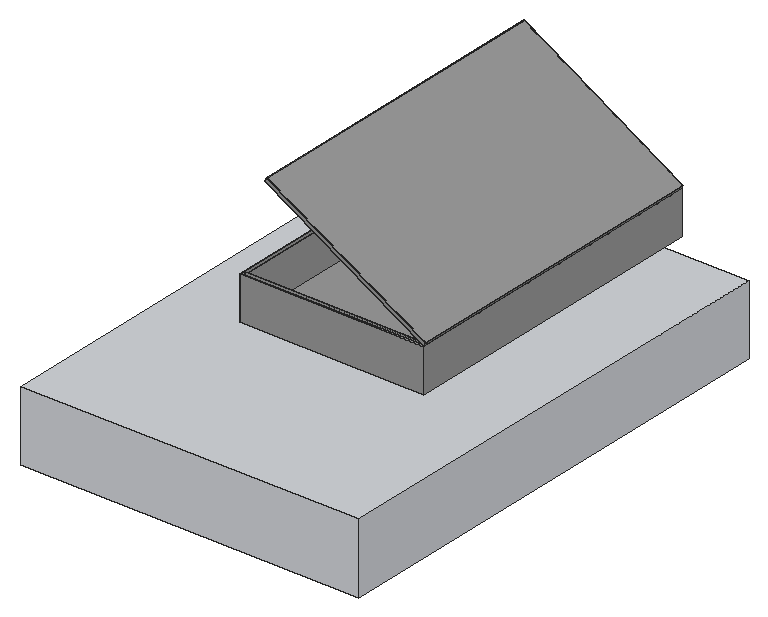
Revit family "Hager-Univers-IP44-D205-H1400-Cl.II-Encl-AT-de", category Equipement électrique, Revit 2020
Family settings
  Hôte = Face
  Configuration du panneau = Deux colonnes, circuits au sein
  Cote de connecteur circulaire = Utiliser le diamètre
  Type d'élément = Tableau de raccordement
  Couper avec des vides une fois chargée = Non
  Partagée = Non
  Point de calcul de pièce = Non
Parameters (values of type "Aufputz IP44 B800 H1400 T205  - FP93SN2")
  Width Control [instance] = if([EF000008 - Breite] > Min Width, [EF000008 - Breite], Min Width)  # 800 mm
  Commentaires du type = [HG000003 - Bereich]  # "Univers"
  Thickness Door [instance] = if([EF009171 - Materialstärke Tür/Deckel] > 3 mm, 3 mm, [EF009171 - Materialstärke Tür/Deckel])  # 1 mm
  Seal Frame Offset [instance] = 17 mm  # constant formula
  Plinth Visibility [instance] = [HG000027 - Sockelhöhe] > 0 mm  # no
  Model = ""
  Min Width [instance] = 100 mm  # constant formula
  Min Height [instance] = 100 mm  # constant formula
  Min Depth [instance] = (2 * [EF009170 - Materialstärke Gehäuse]) + 1 mm  # 3 mm
  Internal Frame Depth [instance] = (Door System Depth * 0.5)  # 9 mm
  Height Control [instance] = if([EF000040 - Höhe] > Min Height, [EF000040 - Höhe], Min Height)  # 1400 mm
  HG000027 - Sockelhöhe = 0 mm
  HG000026 - Stehend auf dem Boden = no
  HG000024 - Höhe des unteren Teils = 800 mm
  HG000023 - Gehäuse mit doppeltem Querschnitt = no
  HG000016 - 3D-Türsichtbarkeit [instance] = yes
  HG000015 - Sichtbarkeit der Türöffnung [instance] = no
  HG000014 - Tür rechts [instance] = yes
  HG000013 - Tür links [instance] = not([HG000014 - Tür rechts])  # no
  HG000012 - Türschwenkwinkel [instance] = 30.00°
  HG000010 - Asymmetrische Türen = no
  HG000009 - Doppelflügeligen Tür = no
  HG000006 - Unterputz = no
  HG000004 - Herstellerreferenz = "FP93SN2"
  HG000003 - Bereich = "Univers"
  HG000002 - Mit tür = yes
  Frame Offset Bottom [instance] = 10 mm  # constant formula
  Frame Offset [instance] = 15 mm  # constant formula
  EF015940 - Deckel mit Überdruckentlastung = no
  EF011959 - Schutzart (NEMA) = ""
  EF009554 - Anzahl der Öffnungen für Flanschplatten = 6
  Fabricant = "Hager"  # constant formula
  EF009212 - Ausführung Deckel = "EV000116 - geschlossen"
  EF009171 - Materialstärke Tür/Deckel = 1 mm
  EF009170 - Materialstärke Gehäuse = 1 mm
  EF008873 - Nennstrom (In) = 250 A
  EF007800 - Geeignet für Blitzschutz = no
  EF006306 - Mit Schloss = no
  EF006244 - Transparenter Deckel/Tür = no
  EF005474 - Schutzart (IP) = "EV006418 - IP44"
  EF004464 - Art der Tür = "EV002646 - Einzel"
  EF004427 - Anzahl der Module = 324
  EF004293 - Schlagfestigkeit = "EV006815 - IK09"
  EF003532 - Geeignet für Außengebrauch = no
  EF002950 - Breite in Teilungseinheiten = 36
  EF001613 - Funktionserhalt = "EV000494 - ohne"
  EF001596 - Werkstoff des Gehäuses = "EV000179 - Stahl"
  EF001131 - Innentiefe = 143 mm
  EF001088 - Anbaumöglichkeit = yes
  EF000437 - Anzahl der Leitungseinführungen = 6
  EF000339 - Art der Abdeckung = "EV001012 - Deckel"
  EF000266 - Anzahl der Reihen = 9
  EF000218 - Einbautiefe = 205 mm
  EF000118 - Mit Montageplatte = no
  EF000116 - RAL-Nummer = "9010"
  EF000049 - Tiefe = 205 mm
  EF000040 - Höhe = 1400 mm
  EF000008 - Breite = 800 mm
  EF000007 - Farbe = "EV000202 - weiß"
  EF000003 - Montageart = "EV000384 - Aufputz"
  Door System Leaf Tolerance [instance] = 1.5 mm  # constant formula
  Door System Depth [instance] = 18 mm  # constant formula
  Door Height [instance] = Height Control - [HG000027 - Sockelhöhe]  # 1400 mm
  Depth Control [instance] = if([EF000049 - Tiefe] > Min Depth, [EF000049 - Tiefe], Min Depth)  # 205 mm
  Default Elevation = 0 mm
  Connector Offset [instance] = Height Control / 2  # 700 mm
  Bottom Top Plate Trim [instance] = 1.5 mm  # constant formula
  Plinth height Ctrl [instance] = if([HG000027 - Sockelhöhe] > 0 mm, [HG000027 - Sockelhöhe], 12 mm)  # 12 mm
Types (5, lengths in mm): name | Width Control | HG000010 - Asymmetrische Türen | HG000009 - Doppelflügeligen Tür | HG000004 - Herstellerreferenz | EF009554 - Anzahl der Öffnungen für Flanschplatten | EF004464 - Art der Tür | EF004427 - Anzahl der Module | EF002950 - Breite in Teilungseinheiten | EF001131 - Innentiefe | EF000437 - Anzahl der Leitungseinführungen | EF000339 - Art der Abdeckung | EF000008 - Breite
  Aufputz IP44 B1050 H1400 T205  - FP94SN2 | 1050 | no | yes | "FP94SN2" | 8 | "EV003602 - Doppel" | 432 | 48 | 143 | 8 | "EV001012 - Deckel" | 1050
  Aufputz IP44 B1300 H1400 T205  - FP95SN2 | 1300 | yes | yes | "FP95SN2" | 10 | "EV003602 - Doppel" | 540 | 60 | 130 | 10 | "EV004216 - Tür" | 1300
  Aufputz IP44 B300 H1400 T205  - FP91SN2 | 300 | no | no | "FP91SN2" | 2 | "EV002646 - Einzel" | 108 | 12 | 143 | 2 | "EV001012 - Deckel" | 300
  Aufputz IP44 B550 H1400 T205  - FP92SN2 | 550 | no | no | "FP92SN2" | 4 | "EV002646 - Einzel" | 216 | 24 | 143 | 4 | "EV001012 - Deckel" | 550
  Aufputz IP44 B800 H1400 T205  - FP93SN2 | 800 | no | no | "FP93SN2" | 6 | "EV002646 - Einzel" | 324 | 36 | 143 | 6 | "EV001012 - Deckel" | 800
Reference planes
  plane 1 "Center (Front/Back)": y = 0
  plane 2: z = 0
  plane 3 "Center (Left/Right)": x = 0
  plane 4: z = 205
  plane 5: y = 1
  plane 6: y = 700
  plane 7: y = 0
  plane 8: y = 1400
  plane 9: z = 0
  plane 10: x = -385
  plane 11: x = 385
  plane 12: x = 384
  plane 13: x = -384
  plane 14: y = 1399
  plane 15: x = -383
  plane 16: x = -400
  plane 17: x = 383
  plane 18: x = 400
  plane 19: x = 399
  plane 20: x = -399
  plane 21: y = 11
  plane 22: y = 1400
  plane 23: y = 1384
  plane 24: z = 187
  plane 25: z = 1
  plane 26: z = 186
  plane 27: z = 204
Forms (mm)
  Extrusion 1, solid
    sketch origin (0, 0, 0) x (1, 0, 0) y (0, 1, 0)
      loop
        line (-702.964, 1305) -> (-702.964, -811.445) -> (766.763, -811.445) -> (766.763, 1305) -> (-702.964, 1305)
    from 0 to -304.8
  Extrusion 2, solid, material "Hager_Steel_RAL7035_Light_Grey", visible <- "Plinth Visibility", detail levels medium+fine
    sketch origin (0, 0, 0) x (1, 0, 0) y (0, 1, 0)
      loop
        line (-400, 0) -> (400, 0) -> (400, 12) -> (-400, 12) -> (-400, 0)
    from 0 to 187
  Extrusion 3, solid, material "Hager_Steel_RAL7035_Light_Grey", detail levels medium+fine
    sketch origin (0, 0, 0) x (1, 0, 0) y (0, 1, 0)
      loop
        line (-400, 0) -> (400, 0) -> (400, 1400) -> (-400, 1400) -> (-400, 0)
    from 0 to 187
  Extrusion 4, void
    sketch origin (0, 0, 0) x (1, 0, 0) y (0, 1, 0)
      loop
        line (-399, 1) -> (399, 1) -> (399, 1399) -> (-399, 1399) -> (-399, 1)
    from 1 to 186
  Extrusion 5, void
    sketch origin (-381.607, -4572, 187) x (0, -1, 0) y (-1, 0, 0)
      loop
        line (-4583, 2.393) -> (-5956, 2.393) -> (-5956, -765.607) -> (-4583, -765.607) -> (-4583, 2.393)
    from 0 to 1 <- "EF009170 - Materialstärke Gehäuse"
  Extrusion 6, solid, material "Hager_Steel_RAL7035_Light_Grey", detail levels fine
    sketch origin (0, 0, 187) x (1, 0, 0) y (0, 1, 0)
      loop
        line (-384, 1384) -> (-384, 11) -> (384, 11) -> (384, 1384) -> (-384, 1384)
      loop
        line (-385, 10) -> (385, 10) -> (385, 1385) -> (-385, 1385) -> (-385, 10)
    from 0 to 9 <- "Internal Frame Depth"
  Extrusion 7, solid, material "Hager_Steel_RAL7035_Light_Grey", detail levels coarse
    sketch origin (0, 0, 0) x (1, 0, 0) y (0, 1, 0)
      loop
        line (-400, 0) -> (400, 0) -> (400, 1400) -> (-400, 1400) -> (-400, 0)
    from 0 to 205
  Sweep 8, void
    path in 3D
      loop
        line (-400, 12, 0) -> (400, 12, 0) -> (400, 12, 187) -> (-400, 12, 187) -> (-400, 12, 0)
    profile origin (-400, 12, 93.5) x (-1, 0, 0) y (0, -1, 0)
      loop
        line (0, 0) -> (0, 1.5) -> (-1.5, 1.5)
        arc (-1.5, 1.5) -> (-1.061, 0.439) -> (0, 0) r 1.5
Cuts and joins
  Extrusion 4, Extrusion 5 cuts Extrusion 3
  Sweep 8 cuts Extrusion 2
Lines and regions (mm)
  Masking region 1
    outline origin (0, 0, 0) x (1, 0, 0) y (0, 0, 1)
      loop
        line (-400, 205) -> (-400, 0) -> (400, 0) -> (400, 205) -> (-400, 205)
  Masking region 2, detail levels medium+fine
    outline origin (0, 140, 0) x (0, 1, 0) y (0, 0, 1)
      loop
        line (-140, 0) -> (1260, 0) -> (1260, 187) -> (-140, 187) -> (-140, 0)
  Masking region 3, not visible, detail levels medium+fine
    outline origin (0, 297.922, 0) x (0, 1, 0) y (0, 0, 1)
      loop
        line (413.578, 0) -> (453.578, 0) -> (453.578, 194)
        arc (453.578, 194) -> (450.649, 201.071) -> (443.578, 204) r 10
        line (443.578, 204) -> (413.578, 204) -> (413.578, 0)
  Masking region 4, detail levels coarse
    outline origin (0, 0, 180) x (0, 1, 0) y (0, 0, 1)
      loop
        line (0, -180) -> (1400, -180) -> (1400, 25) -> (0, 25) -> (0, -180)
  Masking region 5, visible <- "Plinth Visibility", detail levels medium+fine
    outline origin (0, 52.24, 12.345) x (0, 0, -1) y (0, 1, 0)
      loop
        line (10.845, -40.24) -> (-173.155, -40.24)
        arc (-173.155, -40.24) -> (-173.594, -41.301) -> (-174.655, -41.74) r 1.5
        line (-174.655, -41.74) -> (-174.655, -52.24) -> (12.345, -52.24) -> (12.345, -41.74)
        arc (12.345, -41.74) -> (11.285, -41.301) -> (10.845, -40.24) r 1.5
  Masking region 6, detail levels medium+fine
    outline origin (-381.607, -4572, 187) x (-1, 0, 0) y (0, -1, 0)
      loop
        line (18.393, -5972) -> (18.393, -4572) -> (-781.607, -4572) -> (-781.607, -5972) -> (18.393, -5972)
  Masking region 7, visible <- "Plinth Visibility", detail levels medium+fine
    outline origin (-381.607, -4727, 187) x (-1, 0, 0) y (0, -1, 0)
      loop
        arc (16.893, -4739) -> (17.332, -4737.939) -> (18.393, -4737.5) r 1.5
        line (18.393, -4737.5) -> (18.393, -4727) -> (-781.607, -4727) -> (-781.607, -4737.5)
        arc (-781.607, -4737.5) -> (-780.546, -4737.939) -> (-780.107, -4739) r 1.5
        line (-780.107, -4739) -> (16.893, -4739)
  Masking region 8, detail levels coarse
    outline origin (-442.548, -4669.526, 187) x (-1, 0, 0) y (0, -1, 0)
      loop
        line (-42.548, -6069.526) -> (-42.548, -4669.526) -> (-842.548, -4669.526) -> (-842.548, -6069.526) -> (-42.548, -6069.526)
  sketch lines
    curve 1: line (-400, 12, 187) -> (-400, 12, 0)
    curve 2: line (400, 12, 187) -> (-400, 12, 187)
    curve 3: line (400, 12, 187) -> (400, 12, 0)
    curve 4: line (-400, 12, 0) -> (400, 12, 0)
Dimensions and locks
  "Depth Control": plane 4 to Extrusion 1
  "HG000027 - Sockelhöhe": plane 1 "Center (Front/Back)" to plane 7
  "EF009170 - Materialstärke Gehäuse": plane 5 to plane 7
  locked: connector elem to plane 3 "Center (Left/Right)"
  equal spacing: plane 8, plane 6, plane 7
  locked: connector elem to plane 6
  "EF009170 - Materialstärke Gehäuse": plane 8 to plane 14
  "EF009170 - Materialstärke Gehäuse": plane 10 to plane 13
  "EF009170 - Materialstärke Gehäuse": plane 12 to plane 11
  "Frame Offset": plane 20 to plane 13
  "Frame Offset": plane 12 to plane 19
  "EF009170 - Materialstärke Gehäuse": plane 16 to plane 20
  "EF009170 - Materialstärke Gehäuse": plane 19 to plane 18
  "Seal Frame Offset": plane 16 to plane 15
  "Seal Frame Offset": plane 17 to plane 18
  "Frame Offset Bottom": plane 21 to plane 5
  "Frame Offset": plane 14 to plane 23
  equal spacing: plane 16, plane 3 "Center (Left/Right)", plane 18
  "Width Control": plane 16 to plane 18
  "EF009170 - Materialstärke Gehäuse": plane 4 to plane 27
  "EF009170 - Materialstärke Gehäuse": plane 24 to plane 26
  "EF009170 - Materialstärke Gehäuse": plane 25 to level
  "Door System Depth": plane 4 to plane 24
  "Height Control": plane 1 "Center (Front/Back)" to Extrusion 7 sketch curve
  "Height Control": Masking region 4 sketch curve to plane 1 "Center (Front/Back)"
  "Height Control": plane 1 "Center (Front/Back)" to plane 22
  "Bottom Top Plate Trim": profile plane to Sweep 8 sketch curve
  "Bottom Top Plate Trim": Sweep 8 sketch curve to profile plane
  "Plinth height Ctrl": plane 1 "Center (Front/Back)" to Extrusion 2 sketch curve
  "Plinth height Ctrl": Masking region 5 sketch curve to plane 1 "Center (Front/Back)"
  "Plinth height Ctrl": plane 1 "Center (Front/Back)" to Masking region 7 sketch curve
  "Thickness Door": Extrusion 6 sketch curve to Extrusion 6 sketch curve  (x3)
  "Thickness Door": cut or joined group of Extrusion 3, Extrusion 4, Extrusion 5 to Extrusion 6 sketch curve
  radius of Masking region 3 sketch curve = 10 mm
  "Bottom Top Plate Trim": radius of Masking region 5 sketch curve  (x2)
  "Bottom Top Plate Trim": radius of Sweep 8 sketch curve
  "Bottom Top Plate Trim": radius of Masking region 7 sketch curve  (x2)
  aligned and locked: plane 2 to Extrusion 1
  aligned and locked: level to Extrusion 1
  aligned and locked: level to Masking region 1 sketch curve
  aligned and locked: Masking region 1 sketch curve to plane 18
  aligned and locked: Masking region 1 sketch curve to plane 16
  aligned and locked: plane 7 to Masking region 2 sketch curve
  aligned and locked: level to Masking region 3 sketch curve
  aligned and locked: Masking region 3 sketch curve to plane 27
  aligned and locked: level to Masking region 2 sketch curve
  aligned and locked: plane 1 "Center (Front/Back)" to Extrusion 2 sketch curve
  aligned and locked: Extrusion 3 sketch curve to plane 7
  aligned and locked: plane 16 to Extrusion 3 sketch curve
  aligned and locked: plane 18 to Extrusion 3 sketch curve
  aligned and locked: plane 20 to Extrusion 4 sketch curve
  aligned and locked: plane 19 to Extrusion 4 sketch curve
  aligned and locked: Extrusion 4 sketch curve to plane 5
  aligned and locked: Extrusion 4 to plane 25
  aligned and locked: plane 26 to Extrusion 4
  aligned and locked: plane 24 to Extrusion 3
  aligned and locked: Extrusion 5 sketch curve to plane 21
  aligned and locked: Extrusion 5 sketch curve to plane 13
  aligned and locked: Extrusion 5 sketch curve to plane 12
  aligned and locked: plane 18 to Extrusion 7 sketch curve
  aligned and locked: plane 1 "Center (Front/Back)" to Extrusion 7 sketch curve
  aligned and locked: plane 16 to Extrusion 7 sketch curve
  aligned and locked: plane 4 to Extrusion 7
  aligned and locked: Extrusion 7 to level
  aligned and locked: level to Masking region 4 sketch curve
  aligned and locked: Masking region 4 sketch curve to plane 1 "Center (Front/Back)"
  aligned and locked: Masking region 4 sketch curve to plane 4
  aligned and locked: nested 1 to level
  aligned and locked: nested 1 to plane 16
  aligned and locked: plane 8 to Extrusion 3 sketch curve
  aligned and locked: plane 23 to Extrusion 5 sketch curve
  aligned and locked: plane 14 to Extrusion 4 sketch curve
  aligned and locked: Masking region 2 sketch curve to plane 8
  aligned and locked: level to Masking region 5 sketch curve
  aligned and locked: plane 16 to Extrusion 2 sketch curve
  aligned and locked: plane 18 to Extrusion 2 sketch curve
  aligned and locked: Masking region 5 sketch curve to plane 24
  aligned and locked: Masking region 2 sketch curve to plane 24
  aligned and locked: plane 24 to Extrusion 2
  aligned and locked: profile plane to Sweep 8 sketch curve  (x2)
  aligned and locked: Masking region 6 sketch curve to plane 18
  aligned and locked: Masking region 6 sketch curve to plane 22
  aligned and locked: Masking region 6 sketch curve to plane 16
  aligned and locked: plane 8 to plane 22
  aligned and locked: Masking region 6 sketch curve to plane 7
  aligned and locked: Masking region 7 sketch curve to plane 16
  aligned and locked: Masking region 7 sketch curve to plane 1 "Center (Front/Back)"
  aligned and locked: Masking region 7 sketch curve to plane 18
  aligned and locked: Masking region 8 sketch curve to plane 1 "Center (Front/Back)"
  aligned and locked: Masking region 8 sketch curve to plane 18
  aligned and locked: Masking region 8 sketch curve to plane 22
  aligned and locked: Masking region 8 sketch curve to plane 16
  aligned and locked: nested 2 to plane 7
  aligned and locked: plane 3 "Center (Left/Right)" to nested 2
  aligned and locked: nested 2 to plane 24
  aligned and locked: Extrusion 6 sketch curve to cut or joined group of Extrusion 3, Extrusion 4, Extrusion 5  (x4)
Automatic sketch dimensions
  Extrusion 1 sketch curve to Extrusion 1 sketch curve = 1469.727 mm
  Extrusion 1 sketch curve to Extrusion 1 sketch curve = 2116.445 mm
  Masking region 1 sketch curve to plane 4 = 0 mm
  plane 6 to Masking region 3 sketch curve = 11.5 mm
  Masking region 3 sketch curve to Masking region 3 sketch curve = 30 mm
  Masking region 5 sketch curve to plane 1 "Center (Front/Back)" = 0 mm
Nested families
  nested 1: "Hager_Enclosure_Symbol" at (-400, 0, 0) x (1, 0, 0) z (0, -1, 0), Height <- "Depth Control", Width <- "Width Control", type "Hager_Enclosure_Symbol"
    with Width_Ctrl 800 mm, Width 800 mm, Height_Ctrl 205 mm, Height 205 mm, A_Width_Int 13.453 mm, A_Width 161.438 mm, A_Height_Ctrl 179.375 mm, A_Height 179.375 mm
  nested 2: "EC000058_Univers_Door" at (0, 0, 187) x (1, 0, 0) z (0, 1, 0), Leaf_Tolerance <- "Door System Leaf Tolerance", Angle <- "HG000012 - Türschwenkwinkel", Door_Depth <- "Door System Depth", Door_Left <- "HG000013 - Tür links", Transparent <- "EF006244 - Transparenter Deckel/Tür", Assymetrical <- "HG000010 - Asymmetrische Türen", Width <- "Width Control", Clearance <- "HG000015 - Sichtbarkeit der Türöffnung", Double <- "HG000009 - Doppelflügeligen Tür", 3d_Door <- "HG000016 - 3D-Türsichtbarkeit", Lock_Visibility <- "EF006306 - Mit Schloss", Width_Ctrl <- "Width Control", Door_Right <- "HG000014 - Tür rechts", Door <- "HG000002 - Mit tür", Height <- "Door Height", Thickness <- "Thickness Door", type "EC000058_Univers_Door", detail levels medium+fine
    with min_wh 3 mm, Width_Ctrl 800 mm, Width 800 mm, Transparent no, Thickness 1 mm, Seal_Material Hager_Rubber, Lock_Visibility no, Lock_Material Hager_Plastic_RAL9005_Jet_Black, Leaf_Width 800 mm, Leaf_Tolerance_External_Sides 0 mm, Leaf_Tolerance 1.5 mm, Leaf_Offset 0 mm, Leaf_Height 1397 mm, Leaf_2_Width 800 mm, Leaf_2_Offset 400 mm, Leaf_1_Width 800 mm, Leaf_1_Offset 400 mm, Height_Ctrl 1400 mm, Height 1400 mm, Glass_Material Hager_Glass, Double_Clearance_Ctrl no, Double no, Door_Right_Ctrl yes, Door_Right yes, Door_Material Hager_Steel_RAL7035_Light_Grey, Door_Left_Ctrl no, Door_Left no, Door_Depth 18 mm, Door yes, Clearance_Material Hager_Clearance, Clearance_Depth 800 mm, Clearance_Ctrl no, Clearance no, Assymetrical no, Angle 30.00°, 3d_Door yes
Connectors
  electrical at (0, 700, 0)
    settings: on plane 9, index 1, voltage 0 V, apparent load 0 VA, apparent load phase1 0 VA, apparent load phase2 0 VA, apparent load phase3 0 VA, power factor 1, load classification "Other", number of poles 1, system type 30, power factor state 1, is connector primary yes, connector utility no, sub classification motor no, connector description ""
Definition of nested family "EC000058_Univers_Door"
  Parameters (values of type "EC000058_Univers_Door")
    min_wh [instance] = (2 * Thickness) + 1 mm  # 11 mm
    Width_Ctrl [instance] = 400 mm
    Width [instance] = 500 mm
    Transparent [instance] = yes
    Thickness [instance] = 5 mm
    Seal_Material [instance] = none
    Lock_Visibility [instance] = yes
    Lock_Material [instance] = none
    Leaf_Width [instance] = if((Width_Ctrl - 2 * Leaf_Tolerance_External_Sides) > 0 mm, (Width_Ctrl - 2 * Leaf_Tolerance_External_Sides), min_wh)  # 400 mm
    Leaf_Tolerance_External_Sides [instance] = 0 mm  # constant formula
    Leaf_Tolerance [instance] = 1.5 mm
    Leaf_Offset [instance] = 0 mm  # constant formula
    Leaf_Height [instance] = if((Height_Ctrl - 2 * Leaf_Tolerance) > 0 mm, (Height_Ctrl - 2 * Leaf_Tolerance), min_wh)  # 497 mm
    Leaf_2_Width [instance] = if(and(and(Double, Assymetrical), Door_Left), (Leaf_Width / 3) - (Leaf_Tolerance / 2), if(and(and(Double, Assymetrical), Door_Right), (Leaf_Width / 3) * 2 - (Leaf_Tolerance / 2), if(and(Double, not(Assymetrical)), (Leaf_Width / 2) - Leaf_Tolerance, Leaf_Width)))  # 400 mm
    Leaf_2_Offset [instance] = if(and(Double, Assymetrical), Leaf_2_Width / 2, if(and(Double, not(Assymetrical)), Leaf_Width / 4, Leaf_Width / 2))  # 200 mm
    Leaf_1_Width [instance] = if(and(and(Double, Assymetrical), Door_Right), (Leaf_Width / 3) - (Leaf_Tolerance / 2), if(and(and(Double, Assymetrical), Door_Left), (Width / 3) * 2 - (Leaf_Tolerance / 2), if(and(Double, not(Assymetrical)), (Leaf_Width / 2) - Leaf_Tolerance, Leaf_Width)))  # 400 mm
    Leaf_1_Offset [instance] = if(and(Double, Assymetrical), Leaf_1_Width / 2, if(and(Double, not(Assymetrical)), Leaf_Width / 4, Leaf_Width / 2))  # 200 mm
    Height_Ctrl [instance] = if(Height > min_wh, Height, min_wh)  # 500 mm
    Height [instance] = 500 mm
    Glass_Material [instance] = none
    Double_Clearance_Ctrl [instance] = and(Double, Clearance)  # no
    Double [instance] = no
    Door_Right_Ctrl [instance] = and(or(Door_Right, Double), Door)  # yes
    Door_Right [instance] = yes
    Door_Material [instance] = none
    Door_Left_Ctrl [instance] = and(or(Door_Left, Double), Door)  # no
    Door_Left [instance] = no
    Door_Depth [instance] = 30 mm
    Door [instance] = yes
    Default Elevation = 1219.2 mm
    Clearance_Material [instance] = none
    Clearance_Depth [instance] = if(Leaf_1_Width > Leaf_2_Width, Leaf_1_Width, Leaf_2_Width)  # 400 mm
    Clearance_Ctrl [instance] = and(not(Double), Clearance)  # yes
    Clearance [instance] = yes
    Assymetrical [instance] = yes
    Angle [instance] = 30.00°
    3d_Door [instance] = yes
  Reference planes
    plane 1 "Center (Front/Back)": y = 0
    plane 2 "Bottom": z = 0
    plane 3 "Center (Left/Right)": x = 0
    plane 4: z = 500
    plane 5: x = -200
    plane 6: x = 200
    plane 7: z = 500
    plane 8: x = -200
    plane 9: z = 0
    plane 10: x = 200
    plane 11: y = 0
    plane 12: z = 1.5
    plane 13: x = -600
    plane 14: y = -400
    plane 15: x = 600
    plane 16: x = 0
    plane 17: x = 0
    plane 18: x = -200
    plane 19: x = 200
    plane 20: z = 498.5
  Forms (mm)
    Extrusion 1, solid, material <- "Clearance_Material", visible <- "Double_Clearance_Ctrl"
      sketch origin (1200, 0, 0) x (1, 0, 0) y (0, 0, -1)
        loop
          line (-1800, -498.5) -> (-600, -498.5) -> (-600, 0) -> (-1800, 0) -> (-1800, -498.5)
      from 0 to -400
  Dimensions and locks
    equal spacing: plane 5, plane 3 "Center (Left/Right)", plane 6
    "Width_Ctrl": plane 5 to plane 6
    "Leaf_Offset": plane 5 to plane 8
    "Leaf_Offset": plane 6 to plane 10
    "Leaf_Offset": plane 9 to level
    "Leaf_Offset": plane 4 to plane 7
    "Height_Ctrl": plane 4 to level
    "Leaf_Tolerance": plane 12 to plane 9
    locked: plane 11 to plane 1 "Center (Front/Back)"
    "Leaf_1_Offset": plane 18 to plane 16
    "Leaf_2_Offset": plane 17 to plane 19
    "Leaf_1_Width": plane 13 to plane 8
    "Leaf_2_Width": plane 10 to plane 15
    "Clearance_Depth": plane 14 to plane 1 "Center (Front/Back)"
    "Leaf_Tolerance_External_Sides": plane 8 to plane 18
    "Leaf_Tolerance_External_Sides": plane 19 to plane 10
    "Leaf_Tolerance": plane 7 to plane 20
    aligned and locked: level to plane 2 "Bottom"
    aligned and locked: nested 1 to plane 16
    aligned and locked: nested 2 to plane 17
    aligned and locked: Extrusion 1 to plane 13
    aligned and locked: plane 15 to Extrusion 1
    aligned and locked: Extrusion 1 to plane 14
    aligned and locked: plane 12 to nested 1
    aligned and locked: nested 2 to plane 12
    aligned and locked: Extrusion 1 to plane 11
    aligned and locked: plane 20 to Extrusion 1
    aligned and locked: nested 2 to plane 11
    aligned and locked: nested 1 to plane 11
  Automatic sketch dimensions
    Extrusion 1 sketch curve to level = 0 mm
    plane 5 to Extrusion 1 sketch curve = 400 mm
    plane 6 to Extrusion 1 sketch curve = 400 mm
    Extrusion 1 sketch curve to plane 4 = 1.5 mm
  Nested families
    nested 1: "EC000058_Univers_Door_Leaf" at (0, 0, 1.5), Width <- "Leaf_1_Width", visible <- "Door_Left_Ctrl", Leaf_Height <- "Leaf_Height", Angle <- "Angle", 3d_Door <- "3d_Door", Transparent <- "Transparent", Clearance Material <- "Clearance_Material", Clearance <- "Clearance_Ctrl", Door_Material <- "Door_Material", Glass_Material <- "Glass_Material", Door_Depth <- "Door_Depth", Lock_Material <- "Lock_Material", Seal_Material <- "Seal_Material", Lock_Visibility <- "Lock_Visibility", Thickness <- "Thickness", type "EC000058_Univers_Door_Leaf"
      with Width 400 mm, Transparent_Glass_Offset 30 mm, Transparent_Ctrl yes, Transparent yes, Thickness 5 mm, Standard no, Seal_Material none, Seal_D2 8 mm, Seal_D1 1 mm, Offset_Internal_Frame 10 mm, Lock_Width 20 mm, Lock_Visibility_3d yes, Lock_Visibility yes, Lock_Thickness_3 3 mm, Lock_Thickness_2 1 mm, Lock_Thickness_1 3 mm, Lock_Radius_Offset_2 16 mm, Lock_Radius_Offset_1 15 mm, Lock_Radius_2 5 mm, Lock_Radius 6 mm, Lock_Offset 5 mm, Lock_Material none, Lock_Height 80 mm, Lock_Cover_Top_Offset_2d 17 mm, Lock_Cover_Height -65 mm, Leaf_Height 497 mm, Internal_Seal_Thickness 8 mm, Internal_Seal_Depth_2 4.5 mm, Internal_Frame_Depth 25 mm, Glass_Thickness -1 mm, Glass_Offset -2 mm, Glass_Material none, Door_Material none, Door_Depth 30 mm, Clearance Material none, Clearance yes, Angle_Ctrl 30.00°, Angle 30.00°, 3d_Door yes
    nested 2: "EC000058_Univers_Door_Leaf" at (0, 0, 1.5) x (-1, 0, 0) z (0, 0, 1), Width <- "Leaf_2_Width", visible <- "Door_Right_Ctrl", Leaf_Height <- "Leaf_Height", Angle <- "Angle", 3d_Door <- "3d_Door", Transparent <- "Transparent", Clearance Material <- "Clearance_Material", Clearance <- "Clearance_Ctrl", Door_Material <- "Door_Material", Glass_Material <- "Glass_Material", Door_Depth <- "Door_Depth", Lock_Material <- "Lock_Material", Seal_Material <- "Seal_Material", Lock_Visibility <- "Lock_Visibility", Thickness <- "Thickness", type "EC000058_Univers_Door_Leaf"
      with Width 400 mm, Transparent_Glass_Offset 30 mm, Transparent_Ctrl yes, Transparent yes, Thickness 5 mm, Standard no, Seal_Material none, Seal_D2 8 mm, Seal_D1 1 mm, Offset_Internal_Frame 10 mm, Lock_Width 20 mm, Lock_Visibility_3d yes, Lock_Visibility yes, Lock_Thickness_3 3 mm, Lock_Thickness_2 1 mm, Lock_Thickness_1 3 mm, Lock_Radius_Offset_2 16 mm, Lock_Radius_Offset_1 15 mm, Lock_Radius_2 5 mm, Lock_Radius 6 mm, Lock_Offset 5 mm, Lock_Material none, Lock_Height 80 mm, Lock_Cover_Top_Offset_2d 17 mm, Lock_Cover_Height -65 mm, Leaf_Height 497 mm, Internal_Seal_Thickness 8 mm, Internal_Seal_Depth_2 4.5 mm, Internal_Frame_Depth 25 mm, Glass_Thickness -1 mm, Glass_Offset -2 mm, Glass_Material none, Door_Material none, Door_Depth 30 mm, Clearance Material none, Clearance yes, Angle_Ctrl 30.00°, Angle 30.00°, 3d_Door yes
  Definition of nested family "EC000058_Univers_Door_Leaf"
    Parameters (values of type "EC000058_Univers_Door_Leaf")
      Width [instance] = 2000 mm
      Transparent_Glass_Offset [instance] = 30 mm
      Transparent_Ctrl [instance] = and(Transparent, [3d_Door])  # yes
      Transparent [instance] = yes
      Thickness [instance] = 5 mm
      Standard [instance] = and(not(Transparent), [3d_Door])  # no
      Seal_Material [instance] = none
      Seal_D2 [instance] = 8 mm  # constant formula
      Seal_D1 [instance] = 1 mm  # constant formula
      Offset_Internal_Frame [instance] = 10 mm  # constant formula
      Lock_Width [instance] = 20 mm  # constant formula
      Lock_Visibility_3d [instance] = and(Lock_Visibility, [3d_Door])  # yes
      Lock_Visibility [instance] = yes
      Lock_Thickness_3 [instance] = 3 mm  # constant formula
      Lock_Thickness_2 [instance] = 1 mm  # constant formula
      Lock_Thickness_1 [instance] = 3 mm  # constant formula
      Lock_Radius_Offset_2 [instance] = Lock_Radius_Offset_1 + 1 mm  # 16 mm
      Lock_Radius_Offset_1 [instance] = 15 mm  # constant formula
      Lock_Radius_2 [instance] = Lock_Radius - 1 mm  # 5 mm
      Lock_Radius [instance] = 6 mm  # constant formula
      Lock_Offset [instance] = 5 mm  # constant formula
      Lock_Material [instance] = none
      Lock_Height [instance] = 80 mm  # constant formula
      Lock_Cover_Top_Offset_2d [instance] = Lock_Radius_Offset_2 + 1 mm  # 17 mm
      Lock_Cover_Height [instance] = -(Lock_Height - Lock_Radius_Offset_1)  # -65 mm
      Leaf_Height [instance] = 2720.336 mm
      Internal_Seal_Thickness [instance] = 8 mm  # constant formula
      Internal_Seal_Depth_2 [instance] = 4.5 mm  # constant formula
      Internal_Frame_Depth [instance] = if(Door_Depth - Thickness > 5 mm, Door_Depth - Thickness, 5 mm)  # 25 mm
      Glass_Thickness [instance] = if(Thickness > 15 mm, Glass_Offset + 10 mm, -1 mm)  # -1 mm
      Glass_Offset [instance] = if(Thickness > 15 mm, -(Thickness + 10 mm) / 2, -2 mm)  # -2 mm
      Glass_Material [instance] = none
      Door_Material [instance] = none
      Door_Depth [instance] = 30 mm
      Default Elevation = 0 mm
      Clearance Material [instance] = none
      Clearance [instance] = yes
      Angle_Ctrl [instance] = if(Angle > 180.00°, 180.00°, Angle)  # 90.00°
      Angle [instance] = 90.00°
      3d_Door [instance] = yes
    Reference planes
      plane 1 "Center (Front/Back)": y = 0
      plane 2: z = 0
      plane 3 "Center (Left/Right)": x = 0
      plane 4: y = 2000
      plane 5: x = -1000
      plane 6: x = 1000
      plane 7: x = -3000
      plane 8: z = 2720.336
      plane 9: z = 30
      plane 10: z = 2690.336
      plane 11: x = 970
      plane 12: x = -970
      plane 13: y = -3
      plane 14: z = 107.833
      plane 15: y = -5
      plane 16: y = -223.314
      plane 17: x = -1000
      plane 18: z = 1360.168
      plane 19: y = 30
    Forms (mm)
      Extrusion 1, solid, material <- "Clearance Material", visible <- "Clearance"
        sketch origin (0, 0, 0) x (1, 0, 0) y (0, 0, 1)
          loop
            line (-3000, 2720.336) -> (-3000, 0) -> (1000, 0) -> (1000, 2720.336) -> (-3000, 2720.336)
        from 0 to -2000
      Extrusion 2, solid, material <- "Door_Material", visible <- "Standard", detail levels medium+fine
        sketch origin (-1000, 0, 0) x (0, 1, 0) y (-1, 0, 0)
          loop
            line (0, 30) -> (0, 25) -> (2000, 25) -> (2000, 30) -> (0, 30)
        from 0 to 2720.336 <- "Leaf_Height"
      Extrusion 3, solid, material <- "Door_Material", visible <- "Transparent_Ctrl", detail levels medium+fine
        sketch origin (-1000, 0, 0) x (0, 1, 0) y (-1, 0, 0)
          loop
            line (0, 25) -> (2000, 25) -> (2000, 30) -> (0, 30) -> (0, 25)
        from 0 to 2720.336 <- "Leaf_Height"
      Extrusion 4, void
        sketch origin (-1025, 2000, 0) x (0, 1, 0) y (0, 0, -1)
          loop
            line (-30, -2690.336) -> (-30, -30) -> (-1970, -30) -> (-1970, -2690.336) -> (-30, -2690.336)
        from 0 to 5 <- "Thickness"
      Sweep 5, solid, material <- "Seal_Material", visible <- "Transparent_Ctrl", detail levels fine
        path in 3D
          loop
            line (-1025, 30, 30) -> (-1025, 30, 2690.336) -> (-1025, 1970, 2690.336) -> (-1025, 1970, 30) -> (-1025, 30, 30)
        profile origin (-1025, 1000, 30) x (1, 0, 0) y (0, 0, 1)
          loop
            line (0, 0) -> (0, -8) -> (1, -8) -> (1, 0) -> (0, 0)
      Extrusion 6, solid, material <- "Glass_Material", visible <- "Transparent_Ctrl", detail levels medium+fine
        sketch origin (-1030, 0, 0) x (0, 1, 0) y (0, 0, -1)
          loop
            line (1970, -2690.336) -> (1970, -30) -> (30, -30) -> (30, -2690.336) -> (1970, -2690.336)
        from -2 <- "Glass_Offset" to -1 <- "Glass_Thickness"
      Extrusion 7, solid, material <- "Door_Material", visible <- "3d_Door", detail levels medium+fine
        sketch origin (-1025, 2000, 0) x (0, -1, 0) y (0, 0, -1)
          loop
            line (0, -2720.336) -> (2000, -2720.336) -> (2000, 0) -> (0, 0) -> (0, -2720.336)
          loop
            line (1995, -5) -> (5, -5) -> (5, -2715.336) -> (1995, -2715.336) -> (1995, -5)
        from 0 to 25 <- "Internal_Frame_Depth"
      Sweep 8, solid, material <- "Seal_Material", visible <- "Transparent_Ctrl", detail levels fine
        path in 3D
          loop
            line (-1025, 0, 0) -> (-1025, 2000, 0) -> (-1025, 2000, 2720.336) -> (-1025, 0, 2720.336) -> (-1025, 0, 0)
        profile origin (-1025, 0, 1360.168) x (1, 0, 0) y (0, 1, 0)
          loop
            line (0, 10) -> (2.975, 10)
            arc (2.975, 10) -> (4.053, 10.447) -> (4.5, 11.525) r 1.525
            line (4.5, 11.525) -> (4.5, 16.527)
            arc (4.5, 16.527) -> (4.069, 17.569) -> (3.027, 18) r 1.473
            line (3.027, 18) -> (0, 18) -> (0, 10)
      Extrusion 9, solid, material <- "Lock_Material", visible <- "Lock_Visibility_3d", detail levels fine
        sketch origin (-1030, 0, 0) x (0, 1, 0) y (0, 0, -1)
          loop
            arc (1993.5, -1400.168) -> (1994.561, -1399.729) -> (1995, -1398.668) r 1.5
            line (1995, -1398.668) -> (1995, -1320.168) -> (1975, -1320.168) -> (1975, -1398.668)
            arc (1975, -1398.668) -> (1975.439, -1399.729) -> (1976.5, -1400.168) r 1.5
            line (1976.5, -1400.168) -> (1993.5, -1400.168)
        from 3 <- "Lock_Thickness_1" to 0
      Blend 10, solid, material <- "Lock_Material", visible <- "Lock_Visibility_3d", detail levels fine
        base sketch origin (-1033, 0, 0) x (0, 1, 0) y (0, 0, -1)
          loop
            line (1975, -1320.168) -> (1975, -1398.668)
            arc (1975, -1398.668) -> (1975.439, -1399.729) -> (1976.5, -1400.168) r 1.5
            line (1976.5, -1400.168) -> (1993.5, -1400.168)
            arc (1993.5, -1400.168) -> (1994.561, -1399.729) -> (1995, -1398.668) r 1.5
            line (1995, -1398.668) -> (1995, -1320.168) -> (1975, -1320.168)
        top sketch origin (-1033, 0, 0) x (0, 1, 0) y (0, 0, -1)
          loop
            line (1976, -1320.168) -> (1976, -1398.668)
            arc (1976, -1398.668) -> (1976.146, -1399.022) -> (1976.5, -1399.168) r 0.5
            line (1976.5, -1399.168) -> (1993.5, -1399.168)
            arc (1993.5, -1399.168) -> (1993.854, -1399.022) -> (1994, -1398.668) r 0.5
            line (1994, -1398.668) -> (1994, -1320.168) -> (1976, -1320.168)
        from 0 to 1 <- "Lock_Thickness_2"
      Blend 11, solid, material <- "Lock_Material", visible <- "Lock_Visibility_3d", detail levels fine
        base sketch origin (-1034, 0, 0) x (0, 1, 0) y (0, 0, -1)
          loop
            line (1978, -1320.168) -> (1978, -1384.168)
            arc (1978, -1384.168) -> (1985, -1391.168) -> (1992, -1384.168) r 7
            line (1992, -1384.168) -> (1992, -1320.168) -> (1978, -1320.168)
        top sketch origin (-1034, 0, 0) x (0, 1, 0) y (0, 0, -1)
          loop
            line (1991, -1320.168) -> (1979, -1320.168) -> (1979, -1383.168)
            arc (1979, -1383.168) -> (1985, -1389.168) -> (1991, -1383.168) r 6
            line (1991, -1383.168) -> (1991, -1320.168)
        from 0 to 3 <- "Lock_Thickness_3"
      Extrusion 12, solid, material <- "Lock_Material", visible <- "Lock_Visibility_3d", detail levels fine
        sketch origin (-1030, 1975, 1320.168) x (1, 0, 0) y (0, -1, 0)
          loop
            line (-7, -19) -> (-7, -1) -> (0, -1) -> (0, 0) -> (-8, 0) -> (-8, -20) -> (0, -20) -> (0, -19) -> (-7, -19)
        from 0 to -65 <- "Lock_Cover_Height"
      Extrusion 13, void
        sketch origin (-1038, 1995, 1320.168) x (-1, 0, 0) y (0, 0, -1)
          loop
            line (-5, -65) -> (0, -65) -> (-5, -60) -> (-5, -65)
        from 0 to 20 <- "Lock_Width"
      Extrusion 14, void
        sketch origin (-1038, 1975, 1320.168) x (0, -1, 0) y (0, 0, -1)
          loop
            circle (-10, -15.995) r 6
          loop
            circle (-10, -15.995) r 5
        from 0 to 2
      Extrusion 15, solid, material <- "Lock_Material", visible <- "Lock_Visibility_3d", detail levels medium
        sketch origin (-1030, 0, 0) x (0, 1, 0) y (0, 0, -1)
          loop
            arc (1993.5, -1400.168) -> (1994.561, -1399.729) -> (1995, -1398.668) r 1.5
            line (1995, -1398.668) -> (1995, -1320.168) -> (1975, -1320.168) -> (1975, -1398.668)
            arc (1975, -1398.668) -> (1975.439, -1399.729) -> (1976.5, -1400.168) r 1.5
            line (1976.5, -1400.168) -> (1993.5, -1400.168)
        from 8 to 0
    Cuts and joins
      Extrusion 4 cuts Extrusion 3
      Extrusion 13, Extrusion 14 cuts Extrusion 9
      Extrusion 14 cuts Blend 11
      Extrusion 13, Extrusion 14 cuts Extrusion 12
      joined: Extrusion 9, Blend 10, Blend 11, Extrusion 12
      Extrusion 14 cuts Extrusion 15
    Lines and regions (mm)
      Masking region 1, visible <- "Lock_Visibility", detail levels fine
        outline origin (0, 0, 0) x (0, 1, 0) y (0, 0, 1)
          loop
            line (30, 1320.168) -> (33, 1320.168) -> (33, 1400.168) -> (30, 1400.168) -> (30, 1320.168)
      Masking region 2, visible <- "Lock_Visibility", detail levels fine
        outline origin (0, 3.143, 0) x (0, 1, 0) y (0, 0, 1)
          loop
            line (29.857, 1354.168) -> (30.857, 1354.168) -> (30.857, 1366.168) -> (29.857, 1366.168) -> (29.857, 1354.168)
      Masking region 3, detail levels medium+fine
        outline origin (0, 0, 0) x (0, 1, 0) y (0, 0, 1)
          loop
            line (0, 0) -> (30, 0) -> (30, 2720.336) -> (0, 2720.336) -> (0, 0)
      Masking region 4, detail levels medium+fine
        outline origin (0, 0, 0) x (1, 0, 0) y (0, 0, 1)
          loop
            line (-1000, 2720.336) -> (-1000, 0) -> (1000, 0) -> (1000, 2720.336) -> (-1000, 2720.336)
      Masking region 5, visible <- "Lock_Visibility", detail levels fine
        outline origin (-47.116, 0, 0) x (1, 0, 0) y (0, 0, 1)
          loop
            arc (1024.616, 1399.168) -> (1023.556, 1398.729) -> (1023.116, 1397.668) r 1.5
            line (1023.116, 1397.668) -> (1023.116, 1320.168) -> (1041.116, 1320.168) -> (1041.116, 1397.668)
            arc (1041.116, 1397.668) -> (1040.677, 1398.729) -> (1039.616, 1399.168) r 1.5
            line (1039.616, 1399.168) -> (1024.616, 1399.168)
      Masking region 6, visible <- "Lock_Visibility", detail levels medium+fine
        outline origin (-25, 0, 0) x (1, 0, 0) y (0, 0, 1)
          loop
            arc (1001.5, 1400.168) -> (1000.439, 1399.729) -> (1000, 1398.668) r 1.5
            line (1000, 1398.668) -> (1000, 1320.168) -> (1020, 1320.168) -> (1020, 1398.668)
            arc (1020, 1398.668) -> (1019.561, 1399.729) -> (1018.5, 1400.168) r 1.5
            line (1018.5, 1400.168) -> (1001.5, 1400.168)
      Masking region 7, visible <- "Lock_Visibility", detail levels fine
        outline origin (-73.735, 0, 0) x (1, 0, 0) y (0, 0, 1)
          loop
            line (1051.735, 1382.168) -> (1065.735, 1382.168) -> (1065.735, 1384.168)
            arc (1065.735, 1384.168) -> (1058.735, 1391.168) -> (1051.735, 1384.168) r 7
            line (1051.735, 1384.168) -> (1051.735, 1382.168)
      Masking region 8, visible <- "Lock_Visibility", detail levels fine
        outline origin (-73.735, 0, 0) x (1, 0, 0) y (0, 0, 1)
          loop
            line (1052.735, 1382.168) -> (1064.735, 1382.168) -> (1064.735, 1383.168)
            arc (1064.735, 1383.168) -> (1058.735, 1389.168) -> (1052.735, 1383.168) r 6
            line (1052.735, 1383.168) -> (1052.735, 1382.168)
      Masking region 9, visible <- "Lock_Visibility", detail levels fine
        outline origin (-25, 0, 0) x (1, 0, 0) y (0, 0, 1)
          loop
            line (1020, 1320.168) -> (1020, 1382.168) -> (1000, 1382.168) -> (1000, 1320.168) -> (1020, 1320.168)
      Masking region 10, detail levels medium+fine
        outline origin (0, 0, 0) x (1, 0, 0) y (0, 0, 1)
          loop
            circle (985, 1335.144) r 6
      Masking region 11, detail levels fine
        outline origin (0, 0, 0) x (1, 0, 0) y (0, 0, 1)
          loop
            circle (985, 1335.144) r 5
      Masking region 12, visible <- "Lock_Visibility", detail levels fine
        outline origin (0, 12.767, 0) x (0, 1, 0) y (0, 0, 1)
          loop
            line (20.233, 1320.168) -> (21.233, 1320.168) -> (21.233, 1399.168) -> (20.233, 1400.168) -> (20.233, 1320.168)
      Masking region 13, visible <- "Lock_Visibility", detail levels fine
        outline origin (0, 13.767, -10) x (0, 1, 0) y (0, 0, 1)
          loop
            line (20.233, 1330.168) -> (23.233, 1330.168) -> (23.233, 1399.168) -> (20.233, 1402.168) -> (20.233, 1330.168)
      Masking region 14, visible <- "Lock_Visibility", detail levels fine
        outline origin (0, 12.767, -10) x (0, 1, 0) y (0, 0, 1)
          loop
            line (20.233, 1330.168) -> (25.233, 1330.168) -> (25.233, 1399.305) -> (20.233, 1394.305) -> (20.233, 1330.168)
      Masking region 15, visible <- "Lock_Visibility", detail levels medium
        outline origin (0, 0, 0) x (0, 1, 0) y (0, 0, 1)
          loop
            line (30, 1320.168) -> (38, 1320.168) -> (38, 1400.168) -> (30, 1400.168) -> (30, 1320.168)
      Masking region 16, visible <- "Lock_Visibility", detail levels fine
        outline origin (-1000, 0, 0) x (0, 1, 0) y (-1, 0, 0)
          loop
            line (1975, 30) -> (1995, 30) -> (1995, 38) -> (1975, 38) -> (1975, 30)
          loop
            line (1979, 37) -> (1976, 37) -> (1976, 34) -> (1978, 34) -> (1979, 37)
          loop
            line (1994, 37) -> (1991, 37) -> (1992, 34) -> (1994, 34) -> (1994, 37)
      Masking region 17, visible <- "Lock_Visibility", detail levels medium
        outline origin (-1000, 0, 0) x (0, 1, 0) y (-1, 0, 0)
          loop
            line (1975, 30) -> (1995, 30) -> (1995, 38) -> (1975, 38) -> (1975, 30)
      symbolic lines
        curve 1: line (1000, 0, 0) -> (-3000, 0, 0)
        curve 2: arc (1000, 0, 0) -> (-1000, 2000, 0) -> (-3000, 0, 0) r 2000
        curve 4: line (-1030, 0, 0) -> (-1030, 2000, 0)
      reference lines
        curve 3: line (-1000, 0, 0) -> (-1000, 2000, 0)
      symbolic lines, detail levels medium+fine
        curve 5: line (-1030, 2000, 0) -> (-1025, 2000, 0)
        curve 7: line (-1025, 0, 0) -> (-1030, 0, 0)
        curve 8: line (-1025, 0, 0) -> (-1000, 0, 0)
        curve 9: line (-1000, 0, 0) -> (-1000, 2000, 0)
        curve 10: line (-1000, 2000, 0) -> (-1025, 2000, 0)
      symbolic lines, detail levels fine
        curve 6: line (-1025, 2000, 0) -> (-1025, 0, 0)
      sketch lines
        curve 11: line (-1025, 0, 2720.336) -> (-1025, 0, 0)
        curve 12: line (-1025, 2000, 0) -> (-1025, 0, 0)
        curve 13: line (-1025, 2000, 2720.336) -> (-1025, 2000, 0)
        curve 14: line (-1025, 0, 2720.336) -> (-1025, 2000, 2720.336)
        curve 15: line (-1025, 1970, 30) -> (-1025, 30, 30)
        curve 16: line (-1025, 30, 30) -> (-1025, 30, 2690.336)
        curve 17: line (-1025, 1970, 2690.336) -> (-1025, 1970, 30)
        curve 18: line (-1025, 30, 2690.336) -> (-1025, 1970, 2690.336)
      symbolic lines, visible <- "Transparent", detail levels medium+fine
        curve 19: line (-970, 0, 2690.336) -> (970, 0, 2690.336)
        curve 20: line (-970, 0, 30) -> (-970, 0, 2690.336)
        curve 21: line (970, 0, 30) -> (-970, 0, 30)
        curve 22: line (970, 0, 2690.336) -> (970, 0, 30)
    Dimensions and locks
      "Width": plane 1 "Center (Front/Back)" to plane 4
      equal spacing: plane 5, plane 3 "Center (Left/Right)", plane 6
      "Width": plane 5 to plane 6
      "Width": plane 7 to plane 5
      "Leaf_Height": plane 8 to level
      "Width": curve 5 to curve 3
      "Width": curve 3 to curve 3
      plane 8 to plane 10 = 30 mm
      plane 9 to level = 30 mm
      plane 12 to plane 5 = 30 mm
      plane 6 to plane 11 = 30 mm
      Extrusion 1 to Extrusion 4 sketch curve = 30 mm
      "Transparent_Glass_Offset": curve 3 to Extrusion 4 sketch curve
      "Transparent_Glass_Offset": Extrusion 4 sketch curve to cut or joined group of Extrusion 3, Extrusion 4  (x2)
      cut or joined group of Extrusion 3, Extrusion 4 to Extrusion 6 sketch curve = 30 mm
      "Transparent_Glass_Offset": cut or joined group of Extrusion 3, Extrusion 4 to Extrusion 4 sketch curve
      "Thickness": curve 6 to curve 4
      "Thickness": Extrusion 7 sketch curve to Extrusion 7 sketch curve  (x4)
      "Door_Depth": curve 4 to curve 3
      "Offset_Internal_Frame": profile plane to Sweep 8 sketch curve
      "Internal_Seal_Thickness": Sweep 8 sketch curve to Sweep 8 sketch curve
      "Internal_Seal_Depth_2": profile plane to Sweep 8 sketch curve
      "Seal_D1": profile plane to Sweep 5 sketch curve
      "Seal_D2": profile plane to Sweep 5 sketch curve
      "Thickness": Extrusion 2 sketch curve to Extrusion 2 sketch curve
      equal spacing: Extrusion 9 sketch curve, plane 18, Extrusion 9 sketch curve  (x2)
      equal spacing: Masking region 1 sketch curve, plane 18, Masking region 1 sketch curve
      "Lock_Height": Masking region 1 sketch curve to Masking region 1 sketch curve
      "Lock_Radius": Masking region 2 sketch curve to plane 18 to Masking region 2 sketch curve
      Masking region 2 sketch curve to Masking region 1 = 1 mm
      "Door_Depth": plane 19 to plane 1 "Center (Front/Back)"
      "Lock_Thickness_1": Masking region 1 sketch curve to plane 19
      "Lock_Width": Extrusion 9 sketch curve to Extrusion 9 sketch curve
      "Lock_Height": Extrusion 9 sketch curve to Extrusion 9 sketch curve
      "Lock_Offset": cut or joined group of Extrusion 3, Extrusion 4 to Extrusion 9 sketch curve
      equal spacing: plane 8, plane 18, level
      "Lock_Radius_Offset_1": Blend 11 sketch curve to Blend 10
      locked: Blend 10 to Blend 11 sketch curve at 2  (x2)
      locked: var sketch to Blend 11 sketch curve at 1  (x2)
      "Lock_Radius_Offset_2": Blend 11 sketch curve to Blend 10
      locked: Extrusion 12 sketch curve to Extrusion 12 sketch curve at 1  (x3)
      Masking region 6 sketch curve to Masking region 6 sketch curve = 80 mm
      "Lock_Height": Masking region 6 sketch curve to Masking region 6 sketch curve
      "Lock_Width": Masking region 6 sketch curve to Masking region 6 sketch curve
      locked: Masking region 6 to Masking region 5 sketch curve at 1  (x3)
      locked: Masking region 5 to Masking region 7 sketch curve at 2  (x2)
      "Lock_Radius_Offset_1": Masking region 5 to Masking region 7 sketch curve
      "Lock_Radius_Offset_2": Masking region 5 to Masking region 8 sketch curve
      locked: Masking region 7 to Masking region 8 sketch curve at 1  (x2)
      "Lock_Cover_Top_Offset_2d": Masking region 5 to Masking region 9 sketch curve
      equal spacing: Masking region 9, Masking region 10 sketch curve, Masking region 9
      equal spacing: Masking region 9, Masking region 11 sketch curve, Masking region 9
      Extrusion 15 sketch curve to Extrusion 15 sketch curve = 80 mm
      "Lock_Width": Extrusion 15 sketch curve to Extrusion 15 sketch curve
      "Lock_Height": Extrusion 15 sketch curve to Extrusion 15 sketch curve
      equal spacing: Extrusion 15 sketch curve, plane 18, Extrusion 15 sketch curve
      "Lock_Thickness_3": Masking region 13 sketch curve to Masking region 13 sketch curve
      "Lock_Height": Masking region 12 sketch curve to Masking region 12 sketch curve
      locked: Masking region 13 sketch curve to Masking region 1 at 8
      locked: Masking region 14 sketch curve to Masking region 13 at 1
      locked: Masking region 14 sketch curve to Masking region 1 at 10.863
      "Lock_Height": Masking region 15 sketch curve to Masking region 15 sketch curve
      "Lock_Offset": Extrusion 15 sketch curve to cut or joined group of Extrusion 3, Extrusion 4
      "Lock_Offset": plane 6 to Masking region 6 sketch curve
      radius of Sweep 8 sketch curve = 1.525 mm
      radius of Sweep 8 sketch curve = 1.473 mm
      radius of Extrusion 9 sketch curve = 1.5 mm  (x2)
      "Lock_Radius": radius of Extrusion 14 sketch curve
      "Lock_Radius_2": radius of Extrusion 14 sketch curve
      "Lock_Radius": radius of Masking region 10 sketch curve
      "Lock_Radius_2": radius of Masking region 11 sketch curve
      radius of Extrusion 15 sketch curve = 1.5 mm  (x2)
      "Angle_Ctrl": angle plane 1 "Center (Front/Back)" to curve 3
      locked: Masking region 12 sketch curve to Masking region 12 sketch curve (angle 45.00°)
      locked: Masking region 13 sketch curve to Masking region 13 sketch curve (angle 45.00°)
      locked: Masking region 14 sketch curve to Masking region 14 sketch curve (angle 45.00°)
      aligned and locked: level to plane 2
      aligned and locked: Extrusion 1 to curve 1
      aligned and locked: plane 6 to Extrusion 1
      aligned and locked: Extrusion 1 to plane 1 "Center (Front/Back)"
      aligned and locked: plane 4 to Extrusion 1
      aligned and locked: plane 8 to Extrusion 1
      aligned and locked: curve 7 to Extrusion 2 sketch curve
      aligned and locked: curve 5 to Extrusion 2 sketch curve
      aligned and locked: curve 7 to Extrusion 3 sketch curve
      aligned and locked: Extrusion 3 sketch curve to curve 4
      aligned and locked: Extrusion 3 sketch curve to curve 6
      aligned and locked: Extrusion 3 sketch curve to curve 5
      aligned and locked: curve 9 to curve 3
      aligned and locked: Extrusion 7 sketch curve to cut or joined group of Extrusion 3, Extrusion 4  (x4)
      aligned and locked: plane 17 to curve 3
      aligned and locked: plane 1 "Center (Front/Back)" to curve 3
      aligned and locked: plane 17 to plane 5
      aligned and locked: Sweep 8 sketch curve to profile plane
      aligned and locked: Sweep 5 sketch curve to profile plane  (x2)
      aligned and locked: Masking region 1 to Masking region 2 sketch curve
      aligned and locked: plane 19 to Masking region 1 sketch curve
      aligned and locked: plane 1 "Center (Front/Back)" to Masking region 3 sketch curve
      aligned and locked: plane 19 to Masking region 3 sketch curve
      aligned and locked: level to Masking region 3 sketch curve
      aligned and locked: Masking region 3 sketch curve to plane 8
      aligned and locked: plane 17 to Masking region 4 sketch curve
      aligned and locked: level to Masking region 4 sketch curve
      aligned and locked: Masking region 4 sketch curve to plane 8
      aligned and locked: plane 12 to curve 20
      aligned and locked: plane 10 to curve 19
      aligned and locked: plane 11 to curve 22
      aligned and locked: curve 21 to plane 9
      aligned and locked: Extrusion 2 sketch curve to cut or joined group of Extrusion 3, Extrusion 4
      aligned and locked: Blend 10 sketch curve to Extrusion 9  (x4)
      aligned and locked: Extrusion 9 to Blend 10 sketch curve
      aligned and locked: Blend 10 to Blend 11 sketch curve
      aligned and locked: Extrusion 12 sketch curve to Blend 11
      aligned and locked: Extrusion 12 sketch curve to Extrusion 9  (x4)
      aligned and locked: Masking region 5 sketch curve to Masking region 6
      aligned and locked: Masking region 9 sketch curve to Masking region 6  (x3)
      aligned and locked: Masking region 12 sketch curve to Masking region 1
      aligned and locked: Masking region 13 sketch curve to Masking region 1
      aligned and locked: Masking region 12 to Masking region 14
      aligned and locked: Masking region 14 sketch curve to Masking region 1
      aligned and locked: Masking region 15 sketch curve to Masking region 14
      aligned and locked: Masking region 13 sketch curve to Masking region 12
      aligned and locked: Masking region 16 sketch curve to cut or joined group of Extrusion 14, Extrusion 15  (x4)
      aligned and locked: Masking region 16 sketch curve to cut or joined group of Extrusion 9, Blend 10, Blend 11, Extrusion 12, Extrusion 13, Extrusion 14  (x6)
      aligned and locked: cut or joined group of Extrusion 9, Blend 10, Blend 11, Extrusion 12, Extrusion 13, Extrusion 14 to Masking region 16 sketch curve
      aligned and locked: Masking region 17 sketch curve to cut or joined group of Extrusion 14, Extrusion 15  (x3)
      aligned and locked: Masking region 17 sketch curve to cut or joined group of Extrusion 9, Blend 10, Blend 11, Extrusion 12, Extrusion 13, Extrusion 14
      aligned and locked: Masking region 9 to Masking region 8 sketch curve
      aligned and locked: Masking region 9 to Masking region 7 sketch curve
    Automatic sketch dimensions
      plane 1 "Center (Front/Back)" to curve 2 = 0 mm
      curve 2 to plane 5 = 0 mm
      Extrusion 1 sketch curve to level = 0 mm
      Extrusion 1 sketch curve to plane 7 = 0 mm
      Extrusion 1 sketch curve to plane 6 = 0 mm
      Extrusion 1 sketch curve to plane 8 = 0 mm
      Extrusion 3 to Extrusion 6 sketch curve = 30 mm  (x4)
      Masking region 4 sketch curve to plane 6 = 0 mm
      Blend 10 sketch curve to Extrusion 9 = 1.5 mm
      Blend 10 sketch curve to Extrusion 9 = 1 mm
      Extrusion 13 sketch curve to Extrusion 12 = 0 mm  (x2)
      Extrusion 12 to Extrusion 13 sketch curve = 3 mm
      Extrusion 13 sketch curve to Extrusion 12 = 5 mm
      Extrusion 14 sketch curve to Extrusion 14 sketch curve = 0 mm  (x2)
      Extrusion 14 sketch curve to Extrusion 12 = 10 mm
      Extrusion 14 sketch curve to Extrusion 12 = 15.995 mm
      Masking region 5 sketch curve to Masking region 5 sketch curve = 1.5 mm  (x2)
      Masking region 10 sketch curve to plane 18 = 25.024 mm
      Masking region 11 sketch curve to plane 18 = 25.024 mm
      plane 19 to Masking region 14 sketch curve = 3 mm
      Masking region 16 sketch curve to Masking region 16 sketch curve = 3 mm
      curve 4 to curve 3 = 0 mm
      Blend 10 to Blend 11 sketch curve = 0 mm
      Masking region 6 sketch curve to Masking region 6 sketch curve = 1.5 mm  (x2)
      Masking region 6 sketch curve to plane 18 = 40 mm
      plane 19 to Masking region 12 sketch curve = 3 mm
      Masking region 12 sketch curve to Masking region 12 sketch curve = 1 mm
      Masking region 15 sketch curve to plane 19 = 0 mm
      Masking region 15 sketch curve to plane 18 = 40 mm
      radius of Blend 10 sketch curve to Extrusion 9 = 1 mm
Definition of nested family "Hager_Enclosure_Symbol"
  Parameters (values of type "Hager_Enclosure_Symbol")
    Width_Ctrl [instance] = if(Width > 1 mm, Width, 1 mm)  # 102.27 mm
    Width [instance] = 102.27 mm
    Height_Ctrl [instance] = if(Height > 1 mm, Height, 1 mm)  # 66.5 mm
    A_Width_Int [instance] = if(A_Width / 12 > 2 mm, A_Width / 12, 2 mm)  # 4.364 mm
    A_Width [instance] = if(A_Height_Ctrl * 0.9 > 2 mm, A_Height_Ctrl * 0.9, 2 mm)  # 52.369 mm
    A_Height_Ctrl [instance] = if(A_Height > 2 mm, A_Height, 2 mm)  # 58.188 mm
    Height [instance] = 66.5 mm
    A_Height [instance] = Height - (Height / 8)  # 58.188 mm
  Reference planes
    plane 1 "Centre (avant/arrière)": y = 0
    plane 2: z = 0
    plane 3 "Centre (gauche/droite)": x = 0
    plane 4: x = 52.369
    plane 5: y = 33.042
    plane 6: y = 41.77
    plane 7: y = 66.5
    plane 8: x = 26.184
    plane 9: y = 37.406
    plane 10: x = 102.27
    plane 11: y = 66.5
    plane 12: y = 8.313
  Lines and regions (mm)
    Filled region 1, type "Solid_Black", in view "Niveau de réf."
      outline origin (0, 0, 0) x (1, 0, 0) y (0, 1, 0)
        loop
          line (52.369, 66.5) -> (33.188, 54.536) -> (45.365, 45.006) -> (52.369, 66.5)
    Filled region 2, type "Solid_Black", in view "Niveau de réf."
      outline origin (0, 0, 0) x (1, 0, 0) y (0, 1, 0)
        loop
          line (0, 0) -> (102.27, 0) -> (102.27, 66.5) -> (0, 0)
    detail lines, in view "Niveau de réf."
      curve 1: line (0, 8.313, 0) -> (26.184, 41.77, 0)
      curve 2: line (26.184, 41.77, 0) -> (26.184, 33.042, 0)
      curve 3: line (26.184, 33.042, 0) -> (52.369, 66.5, 0)
  Dimensions and locks
    "A_Width": plane 3 "Centre (gauche/droite)" to plane 4
    equal spacing: plane 3 "Centre (gauche/droite)", plane 8, plane 4
    equal spacing: plane 6, plane 9, plane 5
    equal spacing: curve 3, Filled region 1 sketch curve, Filled region 1 sketch curve
    "Height_Ctrl": plane 1 "Centre (avant/arrière)" to plane 11
    "A_Height_Ctrl": plane 11 to plane 12
    equal spacing: plane 11, plane 9, plane 12
    "A_Width_Int": plane 6 to plane 9
    "Width_Ctrl": plane 3 "Centre (gauche/droite)" to plane 10
    angle Filled region 1 sketch curve to curve 3 = 20.00°
    angle curve 3 to Filled region 1 sketch curve = 20.00°
    locked: curve 3 to Filled region 1 sketch curve (angle 90.00°)
    aligned and locked: plane 10 to Filled region 2
    aligned and locked: plane 11 to Filled region 2 sketch curve
    aligned and locked: plane 10 to Filled region 2 sketch curve
    aligned and locked: plane 3 "Centre (gauche/droite)" to curve 1
    aligned and locked: plane 12 to curve 1
    aligned and locked: plane 7 to plane 11
  Automatic sketch dimensions
    Filled region 1 sketch curve to plane 4 = 0 mm
    Filled region 1 sketch curve to plane 7 = 0 mm
    plane 1 "Centre (avant/arrière)" to Filled region 2 sketch curve = 0 mm
    Filled region 2 sketch curve to plane 3 "Centre (gauche/droite)" = 0 mm
    curve 2 to plane 6 = 0 mm
    curve 2 to plane 8 = 0 mm
    curve 3 to plane 4 = 0 mm
    curve 2 to plane 5 = 0 mm
    curve 3 to plane 7 = 0 mm
